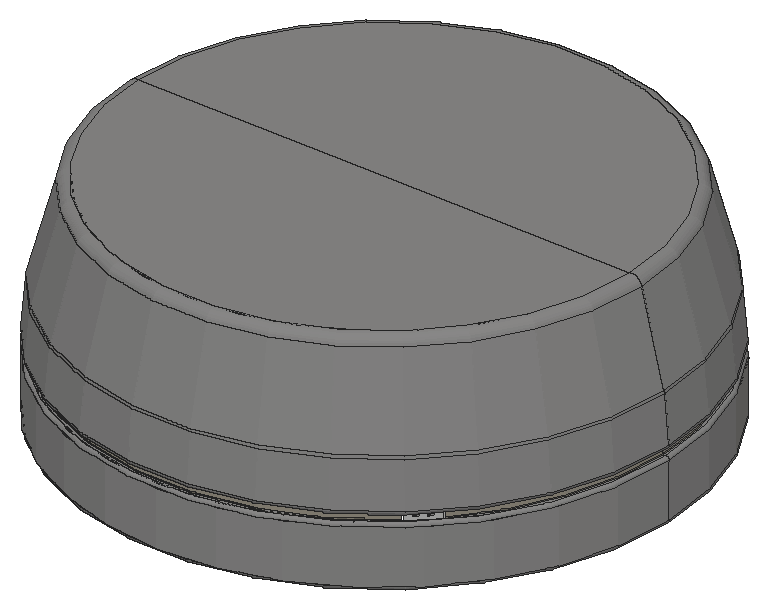
Revit family "Seating-Medium-Teknion-STBD_With_USB_Qui-R2014", category Furniture, Revit 2014
Parameters (values of type "Medium With USB")
  Width = 44.500"
  Warranty = "http://www.teknionstudio.com/pdfs/Teknion%20Studio%20Warranty.pdf"
  Voltage = 125 V
  Unit Weight = 155.00 lbf
  URL = "www.teknionstudio.com"
  Top Upholstery Finish [instance] = Fabric - Teknion - F206 - Full Wool - Fantasme
  Thread Finish [instance] = Thread - Teknion - Black
  Series = "Studio"
  Product Line = "Qui"
  Product Documentation Link = "http://www.teknionstudio.com/pricing/STBD_ppg.pdf"
  Power Factor = 1
  Part Number = "STBD"
  Number of Poles = 1
  No Casters = no
  Model = "STBD6"
  Mid Wood Finish [instance] = Wood - Teknion - DU - Acorn
  Manufacturer Phone = "919-464-2920"
  Manufacturer Fax = "919-464-2927"
  Manufacturer Email = "customersupport@teknionstudio.com"
  Manufacturer Address = "3941 US 70 Business HWY West, Clayton, NC 27520"
  Manufacturer = "Studio TK"
  Low Emitting Material = yes
  Low Emitting Finish = yes
  Height = 17.3001"
  Description = "Qui Large Ottoman - Wood Mid Panel, w/USB Power - 44.5\"dia x 18\"h / 113cm x 46cm"
  Depth = 44.500"
  Connector Description = "Power Connector"
  Base Upholstery Finish [instance] = Fabric - Teknion - F206 - Full Wool - Fantasme
  Assembly Code = "E2020200"
  Apparent Load = 1250 VA
Reference planes (in)
  plane 1 "Center F/B": y = 0
  plane 2: z = 0
  plane 3 "Center L/R": x = 0
  plane 4 "Left": x = -22.25
  plane 5 "Right": x = 22.25
  plane 6 "Back": y = 22.25
  plane 7 "Front": y = -22.25
  plane 8 "Top": z = 17.3001
  plane 9 "Mid Top": z = 5.99
  plane 10 "Mid Bottom": z = 5.4351
  plane 11 "Bottom": z = 0.75
  plane 12: y = -10.5
  plane 13: through (0, 0, 48) normal (-0.5, 0.866, 0)
  plane 14: through (0, 0, 48) normal (0.5, 0.866, 0)
  plane 15 "Wheel Mid Plane": z = 1.19
  plane 16 "Thread 2": z = 16.6501
  plane 17 "Thread 3": x = -0.325
  plane 18 "Thread 4": x = 0.325
  plane 19: x = -3.725
  plane 20: x = 3.725
Forms (in)
  Revolve 1, solid, material "Fabric - Teknion - F206 - Full Wool - Fantasme" <- "Base Upholstery Finish"
    sketch origin (0, 0, 0) x (1, 0, 0) y (0, 0, 1)
      loop
        line (0, 5.4351) -> (-22, 5.4351)
        arc (-22, 5.4351) -> (-22.17678, 5.36188) -> (-22.25, 5.1851) r 0.25
        line (-22.25, 5.1851) -> (-22.25, 1)
        arc (-22.25, 1) -> (-22.17678, 0.82322) -> (-22, 0.75) r 0.25
        line (-22, 0.75) -> (0, 0.75) -> (0, 5.4351)
      axis (0, 5.4351) -> (0, 0.75)
    angle from 0 to 360
  Revolve 2, solid, material "Wood - Teknion - DU - Acorn" <- "Mid Wood Finish"
    sketch origin (0, 0, 0) x (1, 0, 0) y (0, 0, 1)
      loop
        arc (-21.65, 6.0501) -> (-21.72071, 6.02081) -> (-21.75, 5.9501) r 0.1
        line (-21.75, 5.9501) -> (-21.75, 5.47013)
        arc (-21.75, 5.47013) -> (-21.72067, 5.39933) -> (-21.64987, 5.37) r 0.10013
        line (-21.64987, 5.37) -> (0, 5.37) -> (0, 6.0501) -> (-21.65, 6.0501)
      axis (0, 6.0501) -> (0, 5.37)
    angle from 0 to 360
  Revolve 3, solid, material "Fabric - Teknion - F206 - Full Wool - Fantasme" <- "Top Upholstery Finish"
    sketch origin (0, 0, 0) x (1, 0, 0) y (0, 0, 1)
      loop
        line (0, 17.3001) -> (0, 5.99) -> (21.98328, 5.99)
        arc (21.98328, 5.99) -> (22.1676, 6.0711) -> (22.23233, 6.26179) r 0.25
        line (22.23233, 6.26179) -> (21.92651, 9.75731)
        arc (21.92651, 9.75731) -> (21.91114, 9.87407) -> (21.88565, 9.98906) r 1.35
        line (21.88565, 9.98906) -> (20.1054, 16.63304)
        arc (20.1054, 16.63304) -> (19.78395, 17.11412) -> (19.23607, 17.3001) r 0.9
        line (19.23607, 17.3001) -> (0, 17.3001)
      axis (0, 5.99) -> (0, 17.3001)
    angle from 0 to 360
  Revolve 4, solid, material "Plastic - Teknion - E - Ebony"
    sketch origin (0, -9.5, 0) x (0, 1, 0) y (0, 0, 1)
      loop
        line (-10.5, 0) -> (-10.5, 0.75) -> (-11, 0.75) -> (-10.89982, 0) -> (-10.5, 0)
      axis (-10.5, 0) -> (-10.5, 0.75)
    angle from 0 to 360
  Revolve 5, solid, material "Plastic - Teknion - E - Ebony"
    sketch origin (-8.22724, -4.75, 0) x (0.866025, 0.5, 0) y (0, 0, 1)
      loop
        line (-10.5, 0) -> (-10.5, 0.75) -> (-11, 0.75) -> (-10.89982, 0) -> (-10.5, 0)
      axis (-10.5, 0) -> (-10.5, 0.75)
    angle from 0 to 360
  Revolve 6, solid, material "Plastic - Teknion - E - Ebony"
    sketch origin (-8.22724, 4.75, 0) x (0.866025, -0.5, 0) y (0, 0, 1)
      loop
        line (-10.5, 0) -> (-10.5, 0.75) -> (-11, 0.75) -> (-10.89982, 0) -> (-10.5, 0)
      axis (-10.5, 0) -> (-10.5, 0.75)
    angle from 0 to 360
  Revolve 7, solid, material "Plastic - Teknion - E - Ebony"
    sketch origin (0, 9.5, 0) x (0, -1, 0) y (0, 0, 1)
      loop
        line (-10.5, 0) -> (-10.5, 0.75) -> (-11, 0.75) -> (-10.89982, 0) -> (-10.5, 0)
      axis (-10.5, 0) -> (-10.5, 0.75)
    angle from 0 to 360
  Revolve 8, solid, material "Plastic - Teknion - E - Ebony"
    sketch origin (8.22724, 4.75, 0) x (-0.866025, -0.5, 0) y (0, 0, 1)
      loop
        line (-10.5, 0) -> (-10.5, 0.75) -> (-11, 0.75) -> (-10.89982, 0) -> (-10.5, 0)
      axis (-10.5, 0) -> (-10.5, 0.75)
    angle from 0 to 360
  Revolve 9, solid, material "Plastic - Teknion - E - Ebony"
    sketch origin (8.22724, -4.75, 0) x (-0.866025, 0.5, 0) y (0, 0, 1)
      loop
        line (-10.5, 0) -> (-10.5, 0.75) -> (-11, 0.75) -> (-10.89982, 0) -> (-10.5, 0)
      axis (-10.5, 0) -> (-10.5, 0.75)
    angle from 0 to 360
  Sweep 10, void
    path origin (0, 0, 0) x (1, 0, 0) y (0, 0, 1)
      loop
        line (0, 10) -> (0, 0)
    profile origin (0, 0, 5) x (0, -1, 0) y (1, 0, 0)
      loop
        line (17.52211, 15.55635) -> (15.55635, 17.52211) -> (10.46549, 12.43125)
        arc (10.46549, 12.43125) -> (5.57022, 15.26549) -> (0, 16.25) r 16.25
        arc (0, 16.25) -> (-5.57022, 15.26549) -> (-10.46549, 12.43125) r 16.25
        line (-10.46549, 12.43125) -> (-15.55635, 17.52211) -> (-17.52211, 15.55635) -> (-12.43125, 10.46549)
        arc (-12.43125, 10.46549) -> (-16.25, 0) -> (-12.43125, -10.46549) r 16.25
        line (-12.43125, -10.46549) -> (-17.52211, -15.55635) -> (-15.55635, -17.52211) -> (-10.46549, -12.43125)
        arc (-10.46549, -12.43125) -> (-5.57022, -15.26549) -> (0, -16.25) r 16.25
        arc (0, -16.25) -> (5.57022, -15.26549) -> (10.46549, -12.43125) r 16.25
        line (10.46549, -12.43125) -> (15.55635, -17.52211) -> (17.52211, -15.55635) -> (12.43125, -10.46549)
        arc (12.43125, -10.46549) -> (16.25, 0) -> (12.43125, 10.46549) r 16.25
        line (12.43125, 10.46549) -> (17.52211, 15.55635)
  Sweep 11, solid, material "Metal - Teknion - C9 - Polished Aluminum"
    path origin (0, 0, 0) x (1, 0, 0) y (0, 0, 1)
      loop
        line (0, 6.0501) -> (0, 5.37)
    profile origin (0, 0, 5.71005) x (0, -1, 0) y (1, 0, 0)
      loop
        line (13.96468, -15.8569) -> (14.34462, -16.23684)
        arc (14.34462, -16.23684) -> (14.41311, -16.26605) -> (14.48276, -16.23972) r 0.0998
        arc (14.48276, -16.23972) -> (15.3794, -15.37975) -> (16.23939, -14.48312) r 29.78
        arc (16.23939, -14.48312) -> (16.26585, -14.41312) -> (16.23649, -14.34427) r 0.10032
        line (16.23649, -14.34427) -> (15.8569, -13.96468) -> (15.81235, -14.00923) -> (16.21936, -14.41624)
        arc (16.21936, -14.41624) -> (15.33715, -15.33715) -> (14.41624, -16.21936) r 29.72
        line (14.41624, -16.21936) -> (14.00923, -15.81235) -> (13.96468, -15.8569)
      loop
        line (13.96468, 15.8569) -> (14.00923, 15.81235) -> (14.41624, 16.21936)
        arc (14.41624, 16.21936) -> (15.33715, 15.33715) -> (16.21936, 14.41624) r 29.72
        line (16.21936, 14.41624) -> (15.81235, 14.00923) -> (15.8569, 13.96468) -> (16.23649, 14.34427)
        arc (16.23649, 14.34427) -> (16.26585, 14.41312) -> (16.23939, 14.48312) r 0.10032
        arc (16.23939, 14.48312) -> (15.3794, 15.37975) -> (14.48276, 16.23972) r 29.78
        arc (14.48276, 16.23972) -> (14.41311, 16.26605) -> (14.34462, 16.23684) r 0.0998
        line (14.34462, 16.23684) -> (13.96468, 15.8569)
      loop
        line (-13.96468, -15.8569) -> (-14.00923, -15.81235) -> (-14.41624, -16.21936)
        arc (-14.41624, -16.21936) -> (-15.33715, -15.33715) -> (-16.21936, -14.41624) r 29.72
        line (-16.21936, -14.41624) -> (-15.81235, -14.00923) -> (-15.8569, -13.96468) -> (-16.23649, -14.34427)
        arc (-16.23649, -14.34427) -> (-16.26585, -14.41312) -> (-16.23939, -14.48312) r 0.10032
        arc (-16.23939, -14.48312) -> (-15.3794, -15.37975) -> (-14.48276, -16.23972) r 29.78
        arc (-14.48276, -16.23972) -> (-14.41311, -16.26605) -> (-14.34462, -16.23684) r 0.0998
        line (-14.34462, -16.23684) -> (-13.96468, -15.8569)
      loop
        line (-13.96468, 15.8569) -> (-14.34462, 16.23684)
        arc (-14.34462, 16.23684) -> (-14.41311, 16.26605) -> (-14.48276, 16.23972) r 0.0998
        arc (-14.48276, 16.23972) -> (-15.3794, 15.37975) -> (-16.23939, 14.48312) r 29.78
        arc (-16.23939, 14.48312) -> (-16.26585, 14.41312) -> (-16.23649, 14.34427) r 0.10032
        line (-16.23649, 14.34427) -> (-15.8569, 13.96468) -> (-15.81235, 14.00923) -> (-16.21936, 14.41624)
        arc (-16.21936, 14.41624) -> (-15.33715, 15.33715) -> (-14.41624, 16.21936) r 29.72
        line (-14.41624, 16.21936) -> (-14.00923, 15.81235) -> (-13.96468, 15.8569)
  Sweep 12, void
    path origin (0, 0, 0) x (0, 1, 0) y (0, 0, 1)
      loop
        line (0, 5.81) -> (0, 5.61)
    profile origin (0, 0, 5.71) x (1, 0, 0) y (0, 1, 0)
      loop
        line (-21.22635, 21.52402) -> (0, 0.29767) -> (21.22635, 21.52402)
        arc (21.22635, 21.52402) -> (21.04587, 21.70048) -> (20.86392, 21.87542) r 30
        line (20.86392, 21.87542) -> (0, 1.0115) -> (-20.86392, 21.87542)
        arc (-20.86392, 21.87542) -> (-21.04587, 21.70048) -> (-21.22635, 21.52402) r 30
      loop
        line (-21.87542, 20.86392) -> (-1.0115, 0) -> (-21.87542, -20.86392)
        arc (-21.87542, -20.86392) -> (-21.70048, -21.04587) -> (-21.52402, -21.22635) r 30
        line (-21.52402, -21.22635) -> (-0.29767, 0) -> (-21.52402, 21.22635)
        arc (-21.52402, 21.22635) -> (-21.70048, 21.04587) -> (-21.87542, 20.86392) r 30
      loop
        arc (21.87542, 20.86392) -> (21.70048, 21.04587) -> (21.52402, 21.22635) r 30
        line (21.52402, 21.22635) -> (0.29767, 0) -> (21.52402, -21.22635)
        arc (21.52402, -21.22635) -> (21.70048, -21.04587) -> (21.87542, -20.86392) r 30
        line (21.87542, -20.86392) -> (1.0115, 0) -> (21.87542, 20.86392)
      loop
        line (21.22635, -21.52402) -> (0, -0.29767) -> (-21.22635, -21.52402)
        arc (-21.22635, -21.52402) -> (-21.04587, -21.70048) -> (-20.86392, -21.87542) r 30
        line (-20.86392, -21.87542) -> (0, -1.0115) -> (20.86392, -21.87542)
        arc (20.86392, -21.87542) -> (21.04587, -21.70048) -> (21.22635, -21.52402) r 30
Cuts and joins
  Sweep 10 cuts Revolve 2
  Sweep 12 cuts Sweep 11
Lines and regions (in)
  Masking region 1
    outline origin (0, 0, 17.3001) x (-1, 0, 0) y (0, -1, 0)
      loop
        circle (0, 0) r 22.25
  symbolic lines, detail levels fine
    curve 1: circle (0, 0, 17.3001) r 21.75 normal (0, 0, 1)
  symbolic lines, detail levels medium+fine
    curve 2: circle (0, 0, 17.3001) r 20.1 normal (0, 0, 1)
  symbolic lines
    curve 3: circle (0, 0, 17.3001) r 19.6 normal (0, 0, 1)
  model lines, detail levels medium+fine
    curve 4: arc (0.325, -20.09737, 16.6501) -> (2.03236, -19.99699, 16.6501) -> (3.725, -19.75182, 16.6501) r 20.1
    curve 5: arc (-3.725, -19.75182, 16.6501) -> (-2.03236, -19.99699, 16.6501) -> (-0.325, -20.09737, 16.6501) r 20.1
    curve 7: line (-0.325, -20.10035, 16.6501) -> (-0.325, -21.89438, 9.95469)
    curve 8: line (-0.325, -22.22955, 6.24243) -> (-0.325, -21.94419, 9.50408)
    curve 9: arc (-0.325, -21.89438, 9.95469) -> (-0.325, -21.92161, 9.72964) -> (-0.325, -21.94419, 9.50408) r 11
    curve 10: arc (-0.325, -22.22955, 6.24243) -> (-0.325, -22.15562, 6.06393) -> (-0.325, -21.97712, 5.99) r 0.25243
    curve 11: line (-0.325, -22.25, 5.19389) -> (-0.325, -22.25, 1.00401)
    curve 12: arc (-0.325, -22.25, 1.00401) -> (-0.325, -22.1756, 0.8244) -> (-0.325, -21.99599, 0.75) r 0.25401
    curve 13: arc (-0.325, -22.25, 5.19389) -> (-0.325, -22.18367, 5.36175) -> (-0.325, -22.01808, 5.43354) r 0.23582
    curve 14: line (0.325, -20.10035, 16.6501) -> (0.325, -21.89438, 9.95469)
    curve 15: line (0.325, -22.22955, 6.24243) -> (0.325, -21.94419, 9.50408)
    curve 16: arc (0.325, -21.89438, 9.95469) -> (0.325, -21.92161, 9.72964) -> (0.325, -21.94419, 9.50408) r 11
    curve 17: arc (0.325, -22.22955, 6.24243) -> (0.325, -22.15562, 6.06393) -> (0.325, -21.97712, 5.99) r 0.25243
    curve 18: line (0.325, -22.25, 5.19389) -> (0.325, -22.25, 1.00401)
    curve 19: arc (0.325, -22.25, 1.00401) -> (0.325, -22.1756, 0.8244) -> (0.325, -21.99599, 0.75) r 0.25401
    curve 20: arc (0.325, -22.25, 5.19389) -> (0.325, -22.18367, 5.36175) -> (0.325, -22.01808, 5.43354) r 0.23582
  model lines, detail levels fine
    curve 6: arc (-3.725, -19.24277, 17.3001) -> (0, -19.6, 17.3001) -> (3.725, -19.24277, 17.3001) r 19.6
Dimensions and locks (in)
  "Height": plane 8 "Top" to level
  equal spacing: plane 4 "Left", plane 3 "Center L/R", plane 5 "Right"
  "Width": plane 4 "Left" to plane 5 "Right"
  equal spacing: plane 6 "Back", plane 1 "Center F/B", plane 7 "Front"
  "Depth": plane 6 "Back" to plane 7 "Front"
  locked: plane 3 "Center L/R" to Revolve 2 sketch curve at 21.75
  locked: plane 15 "Wheel Mid Plane" to plane 2 at 1.19
  plane 18 "Thread 4" to plane 3 "Center L/R" to plane 17 "Thread 3" = 0.325", 0.325"
  locked: plane 18 "Thread 4" to plane 17 "Thread 3" at 0.65
  Revolve 2 sketch curve to Revolve 2 sketch curve to Revolve 2 sketch curve to Revolve 2 sketch curve to plane 2 = 0.100" locked, 0.47997" locked, 0.10013" locked, 5.370" locked
  equal spacing: plane 19, plane 3 "Center L/R", plane 20
  locked: plane 19 to plane 20 at 7.45
  plane 11 "Bottom" to plane 2 = 0.750"
  locked: plane 8 "Top" to plane 16 "Thread 2" at 0.65
  Sweep 11 sketch curve to Sweep 11 sketch curve to Sweep 11 sketch curve to Sweep 11 sketch curve = 0.063" locked, 2.550" locked, 0.063" locked  (x4)
  Sweep 11 sketch curve to plane 3 "Center L/R" to Sweep 11 sketch curve = 5.67807" locked, 5.67807" locked  (x2)
  Sweep 11 sketch curve to plane 1 "Center F/B" to Sweep 11 sketch curve = 5.67807" locked, 5.67807" locked  (x2)
  plane 9 "Mid Top" to Sweep 12 sketch curve to Sweep 12 sketch curve = 0.180" locked, 0.200" locked
  Sweep 12 sketch curve to Sweep 12 sketch curve to Sweep 12 sketch curve to Sweep 12 sketch curve = 0.50476" locked, 0.42097" locked, 0.50476" locked  (x4)
  Sweep 12 sketch curve to plane 3 "Center L/R" to Sweep 12 sketch curve = 0.29767" locked, 0.29767" locked
  Sweep 11 sketch curve to plane 9 "Mid Top" to Sweep 11 sketch curve = 0.0601" locked, 0.620" locked
  radius of curve 1 = 21.750"
  radius of curve 2 = 20.100"
  radius of curve 3 = 19.600"
  radius of curve 13 = 0.23582"
  radius of curve 10 = 0.25243"
  radius of curve 12 = 0.25401"
  radius of curve 6 = 19.600"
  radius of curve 4 = 20.100"
  radius of Masking region 1 sketch curve = 22.250"
  locked: plane 5 "Right" to Revolve 3 sketch curve (angle 15.00°)
  locked: plane 5 "Right" to Revolve 3 sketch curve (angle 5.00°)
  locked: curve 5 to curve 5 (angle 9.75352°)
  locked: curve 4 to curve 4 (angle 9.75352°)
  angle plane 7 "Front" to curve 7 = 15.00°
  locked: plane 7 "Front" to curve 8 (angle 5.00°)
  aligned and locked: level to plane 2
  aligned and locked: plane 8 "Top" to Revolve 1 sketch curve
  aligned and locked: plane 2 to Revolve 1 sketch curve
  aligned and locked: Revolve 1 sketch curve to plane 3 "Center L/R"  (x2)
  aligned and locked: Revolve 1 sketch curve to plane 4 "Left"
  aligned and locked: Revolve 1 sketch curve to plane 11 "Bottom"
  aligned and locked: plane 10 "Mid Bottom" to Revolve 1 sketch curve
  aligned and locked: plane 8 "Top" to Revolve 2 sketch curve
  aligned and locked: plane 2 to Revolve 2 sketch curve
  aligned and locked: Revolve 2 sketch curve to plane 3 "Center L/R"  (x2)
  aligned and locked: plane 8 "Top" to Revolve 3 sketch curve
  aligned and locked: plane 2 to Revolve 3 sketch curve
  aligned and locked: plane 3 "Center L/R" to Revolve 3 sketch curve
  aligned and locked: Revolve 3 sketch curve to plane 8 "Top"
  aligned and locked: Revolve 3 sketch curve to plane 9 "Mid Top"
  aligned and locked: Revolve 3 sketch curve to plane 3 "Center L/R"
  aligned and locked: curve 4 to curve 5
  aligned and locked: curve 7 to curve 14
  aligned and locked: curve 16 to curve 9
  aligned and locked: curve 15 to curve 8
  aligned and locked: curve 17 to curve 10
  aligned and locked: curve 20 to curve 13
  aligned and locked: curve 18 to curve 11
  aligned and locked: curve 19 to curve 12
  aligned and locked: curve 5 to curve 7
  aligned and locked: curve 4 to curve 14
  aligned and locked: curve 7 to curve 4
  aligned and locked: plane 19 to curve 6
  aligned and locked: plane 20 to curve 4
  aligned and locked: plane 20 to curve 6
  aligned and locked: plane 3 "Center L/R" to Masking region 1 sketch curve
  aligned and locked: plane 1 "Center F/B" to Masking region 1 sketch curve
  aligned and locked: plane 1 "Center F/B" to curve 2
  aligned and locked: plane 3 "Center L/R" to curve 2
  aligned and locked: plane 1 "Center F/B" to curve 1
  aligned and locked: plane 3 "Center L/R" to curve 1
  aligned and locked: plane 1 "Center F/B" to curve 3
  aligned and locked: plane 3 "Center L/R" to curve 3
  aligned and locked: Sweep 11 sketch curve to Sweep 11 sketch curve  (x4)
  aligned and locked: Sweep 12 sketch curve to plane 1 "Center F/B"
  aligned and locked: Sweep 11 sketch curve to plane 3 "Center L/R"
  aligned and locked: plane 1 "Center F/B" to Sweep 10 sketch curve  (x6)
  aligned and locked: plane 3 "Center L/R" to Sweep 10 sketch curve  (x6)
  aligned and locked: Revolve 5 to plane 2
Automatic sketch dimensions
  plane 4 "Left" to Revolve 1 sketch curve = 0.250"
  plane 11 "Bottom" to Revolve 1 sketch curve = 0.250"
  Revolve 3 sketch curve to plane 5 "Right" = 0.01767"
  plane 9 "Mid Top" to Revolve 3 sketch curve = 0.27179"
  Revolve 3 sketch curve to plane 8 "Top" = 0.66706"
  Revolve 3 sketch curve to Revolve 3 sketch curve = 0.86933"
  Revolve 3 sketch curve to plane 5 "Right" = 0.36435"
  Revolve 3 sketch curve to Revolve 3 sketch curve = 0.04086"
  Revolve 3 sketch curve to plane 5 "Right" = 0.26672"
  Revolve 3 sketch curve to Revolve 3 sketch curve = 1.34486"
  Revolve 3 sketch curve to Revolve 3 sketch curve = 0.23175"
  Revolve 4 sketch curve to Revolve 4 sketch curve = 0.10018"
  Revolve 4 sketch curve to Revolve 4 sketch curve = 0.39982"
  Revolve 4 sketch curve to Revolve 4 sketch curve = 0.000"  (x2)
  Revolve 4 sketch curve to Revolve 4 sketch curve = 0.750"
  Revolve 4 sketch curve to Revolve 4 sketch curve = 16.5501"
  Revolve 5 sketch curve to Revolve 5 sketch curve = 0.10018"
  Revolve 5 sketch curve to Revolve 5 sketch curve = 0.39982"
  Revolve 5 sketch curve to Revolve 5 sketch curve = 0.000"  (x2)
  Revolve 5 sketch curve to Revolve 5 sketch curve = 0.750"
  Revolve 5 sketch curve to Revolve 5 sketch curve = 16.5501"
  Revolve 6 sketch curve to Revolve 6 sketch curve = 0.10018"
  Revolve 6 sketch curve to Revolve 6 sketch curve = 0.39982"
  Revolve 6 sketch curve to Revolve 6 sketch curve = 0.000"  (x2)
  Revolve 6 sketch curve to Revolve 6 sketch curve = 0.750"
  Revolve 6 sketch curve to Revolve 6 sketch curve = 16.5501"
  Revolve 7 sketch curve to Revolve 7 sketch curve = 0.10018"
  Revolve 7 sketch curve to Revolve 7 sketch curve = 0.39982"
  Revolve 7 sketch curve to Revolve 7 sketch curve = 0.000"  (x2)
  Revolve 7 sketch curve to Revolve 7 sketch curve = 0.750"
  Revolve 7 sketch curve to Revolve 7 sketch curve = 16.5501"
  Revolve 8 sketch curve to Revolve 8 sketch curve = 0.10018"
  Revolve 8 sketch curve to Revolve 8 sketch curve = 0.39982"
  Revolve 8 sketch curve to Revolve 8 sketch curve = 0.000"  (x2)
  Revolve 8 sketch curve to Revolve 8 sketch curve = 0.750"
  Revolve 8 sketch curve to Revolve 8 sketch curve = 16.5501"
  Revolve 9 sketch curve to Revolve 9 sketch curve = 0.10018"
  Revolve 9 sketch curve to Revolve 9 sketch curve = 0.39982"
  Revolve 9 sketch curve to Revolve 9 sketch curve = 0.000"  (x2)
  Revolve 9 sketch curve to Revolve 9 sketch curve = 0.750"
  Revolve 9 sketch curve to Revolve 9 sketch curve = 16.5501"
  curve 13 to plane 10 "Mid Bottom" = 0.00156"
  curve 18 to plane 7 "Front" = 0.000"
  curve 18 to plane 15 "Wheel Mid Plane" = 0.18599"
  curve 14 to plane 7 "Front" = 0.35562"
  curve 19 to plane 11 "Bottom" = 0.000"
  curve 17 to plane 9 "Mid Top" = 0.000"
  curve 14 to plane 16 "Thread 2" = 0.000"
  curve 18 to plane 10 "Mid Bottom" = 0.24121"
  curve 15 to plane 7 "Front" = 0.02045"
  plane 9 "Mid Top" to curve 15 = 0.25243"
  curve 15 to plane 7 "Front" = 0.30581"
  curve 17 to curve 15 = 3.26165"
  curve 16 to curve 14 = 0.45061"
  curve 18 to curve 20 = 0.00386"
  curve 20 to plane 10 "Mid Bottom" = 0.00156"
  curve 16 to plane 12 = 0.48821"
  curve 14 to plane 7 "Front" = 2.14965"
  curve 20 to curve 18 = 0.23579"
  plane 1 "Center F/B" to curve 5 = 0.000"
  curve 1 to curve 6 = 0.000"  (x2)
  Sweep 10 sketch curve to level = 0.000"
  Sweep 10 sketch curve to plane 3 "Center L/R" = 0.000"
  plane 9 "Mid Top" to Sweep 10 sketch curve = 4.010"
  Sweep 10 sketch curve to profile plane = 17.52211"
  Sweep 10 sketch curve to Sweep 10 sketch curve = 1.96576"  (x9)
  Sweep 10 sketch curve to Sweep 10 sketch curve = 5.09086"  (x5)
  profile plane to Sweep 10 sketch curve = 10.46549"  (x2)
  Sweep 10 sketch curve to profile plane = 15.55635"
  profile plane to Sweep 10 sketch curve = 15.55635"
  profile plane to Sweep 10 sketch curve = 17.52211"
  Sweep 11 sketch curve to Sweep 11 sketch curve = 0.000"  (x14)
  Sweep 11 sketch curve to Sweep 11 sketch curve = 0.01713"  (x2)
  Sweep 11 sketch curve to Sweep 11 sketch curve = 0.37959"  (x2)
  Sweep 11 sketch curve to profile plane = 14.00923"
  Sweep 11 sketch curve to Sweep 11 sketch curve = 0.04455"  (x4)
  profile plane to Sweep 11 sketch curve = 14.00923"
  Sweep 11 sketch curve to Sweep 11 sketch curve = 0.07162"  (x4)
  profile plane to Sweep 11 sketch curve = 13.96468"  (x2)
  Sweep 11 sketch curve to Sweep 11 sketch curve = 0.37994"  (x2)
  Sweep 11 sketch curve to Sweep 11 sketch curve = 0.40701"
  profile plane to Sweep 11 sketch curve = 14.41624"
  Sweep 11 sketch curve to profile plane = 14.34427"
  profile plane to Sweep 11 sketch curve = 14.34427"
  Sweep 11 sketch curve to Sweep 11 sketch curve = 0.02003"  (x4)
  Sweep 11 sketch curve to Sweep 11 sketch curve = 0.0538"  (x4)
  Sweep 11 sketch curve to Sweep 11 sketch curve = 0.06652"  (x4)
  Sweep 11 sketch curve to Sweep 11 sketch curve = 0.00104"  (x4)
  Sweep 12 sketch curve to Sweep 12 sketch curve = 0.000"  (x8)
  Sweep 12 sketch curve to Sweep 12 sketch curve = 0.35141"  (x4)
  Sweep 12 sketch curve to Sweep 12 sketch curve = 0.29767"  (x4)
  Sweep 12 sketch curve to Sweep 12 sketch curve = 0.36242"
  profile plane to Sweep 12 sketch curve = 0.000"
  Sweep 12 sketch curve to plane 3 "Center L/R" = 0.1625"  (x2)
  Sweep 12 sketch curve to plane 3 "Center L/R" = 0.000"
  plane 3 "Center L/R" to Sweep 12 sketch curve = 0.000"
  Sweep 12 sketch curve to Sweep 12 sketch curve = 0.13517"  (x5)
Connectors (in)
  electrical at (0, 0, 0.75), driven by "Number of Poles", driven by "Voltage", driven by "Apparent Load", driven by "Power Factor", driven by "Connector Description"
    settings: index 1, voltage 125 V, apparent load 1250 VA, apparent load phase1 0 VA, apparent load phase2 0 VA, apparent load phase3 0 VA, power factor 1, load classification "Other", number of poles 1, system type 30, power factor state 1, is connector primary yes, connector utility no, sub classification motor no, connector description "Power Connector"
